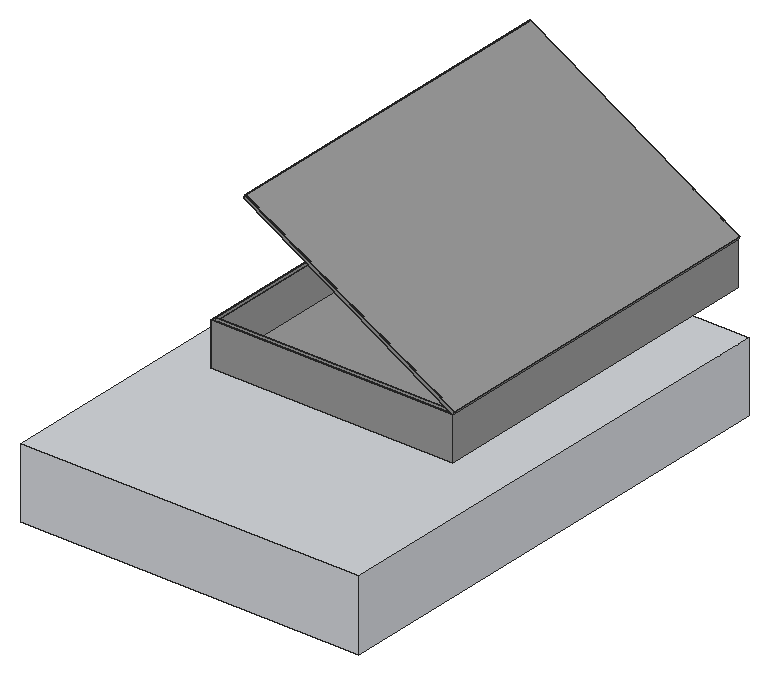
Revit family "Hager-Univers-IP54-D205-H550-Cl.I-Encl-CH-en", category Equipement électrique, Revit 2020
Family settings
  Hôte = Face
  Configuration du panneau = Deux colonnes, circuits au sein
  Cote de connecteur circulaire = Utiliser le diamètre
  Type d'élément = Tableau de raccordement
  Couper avec des vides une fois chargée = Non
  Partagée = Non
  Point de calcul de pièce = Non
Parameters (values of type "Surface mounted (plaster) IP54 W1050 H1550 D205  - FP04TW2")
  Width Control [instance] = if([EF000008 - Width] > Min Width, [EF000008 - Width], Min Width)  # 1050 mm
  Commentaires du type = [HG000003 - Range]  # "Univers"
  Thickness Door [instance] = if([EF009171 - Material plate thickness door/cover] > 3 mm, 3 mm, [EF009171 - Material plate thickness door/cover])  # 1 mm
  Seal Frame Offset [instance] = 17 mm  # constant formula
  Plinth Visibility [instance] = [HG000027 - Plinth height] > 0 mm  # no
  Model = ""
  Min Width [instance] = 100 mm  # constant formula
  Min Height [instance] = 100 mm  # constant formula
  Min Depth [instance] = (2 * [EF009170 - Material plate thickness cabinet]) + 1 mm  # 3 mm
  Internal Frame Depth [instance] = (Door System Depth * 0.5)  # 9 mm
  Height Control [instance] = if([EF000040 - Height] > Min Height, [EF000040 - Height], Min Height)  # 1550 mm
  HG000027 - Plinth height = 0 mm
  HG000026 - Floor standing = no
  HG000024 - Bottom section height = 800 mm
  HG000023 - Double section enclosure = no
  HG000016 - Door 3d visibility [instance] = yes
  HG000015 - Clearance visibility [instance] = no
  HG000014 - Door on the right [instance] = yes
  HG000013 - Door on the left [instance] = not([HG000014 - Door on the right])  # no
  HG000012 - Door swing angle [instance] = 30.00°
  HG000010 - Asymmetric doors = no
  HG000009 - Double swing door = no
  HG000006 - Flush mounted = no
  HG000004 - Manufacturer reference = "FP04TW2"
  HG000003 - Range = "Univers"
  HG000002 - With door or cover = yes
  Frame Offset Bottom [instance] = 10 mm  # constant formula
  Frame Offset [instance] = 15 mm  # constant formula
  EF015940 - Cover with overpressure release = no
  EF011959 - Degree of protection (NEMA) = ""
  EF009554 - Number of openings for flange plates = 8
  EF009212 - Cover model = "EV000116 - Closed"
  EF009171 - Material plate thickness door/cover = 1 mm
  EF009170 - Material plate thickness cabinet = 1 mm
  Fabricant = "Hager"  # constant formula
  EF008873 - Nominal current (In) = 400 A
  EF007800 - Suitable for lightning protection = no
  EF006306 - With lock = no
  EF006244 - Transparent cover/door = no
  EF005474 - Degree of protection (IP) = "EV006419 - IP54"
  EF004464 - Type of door = "EV003602 - Double"
  EF004427 - Number of modules = 480
  EF004293 - Impact strength = "EV006815 - IK09"
  EF003532 - Suitable for outdoor use = no
  EF002950 - Width in number of modular spacings = 48
  EF001613 - Circuit integrity = "EV000494 - None"
  EF001596 - Material housing = "EV000179 - Steel"
  EF001131 - Internal depth = 205 mm
  EF001088 - Extension possible = yes
  EF000437 - Number of conduit inlets = 8
  EF000339 - Type of cover = "EV001012 - Cover"
  EF000266 - Number of rows = 10
  EF000218 - Built-in depth = 205 mm
  EF000118 - With mounting plate = no
  EF000116 - RAL-number = "9010"
  EF000049 - Depth = 205 mm
  EF000040 - Height = 1550 mm
  EF000008 - Width = 1050 mm
  EF000007 - Colour = "EV000202 - White"
  EF000003 - Mounting method = "EV000384 - Surface mounted (plaster)"
  Door System Leaf Tolerance [instance] = 1.5 mm  # constant formula
  Door System Depth [instance] = 18 mm  # constant formula
  Door Height [instance] = Height Control - [HG000027 - Plinth height]  # 1550 mm
  Depth Control [instance] = if([EF000049 - Depth] > Min Depth, [EF000049 - Depth], Min Depth)  # 205 mm
  Default Elevation = 0 mm
  Connector Offset [instance] = Height Control / 2  # 775 mm
  Bottom Top Plate Trim [instance] = 1.5 mm  # constant formula
  Plinth height Ctrl [instance] = if([HG000027 - Plinth height] > 0 mm, [HG000027 - Plinth height], 12 mm)  # 12 mm
Reference planes
  plane 1 "Center (Front/Back)": y = 0
  plane 2: z = 0
  plane 3 "Center (Left/Right)": x = 0
  plane 4: z = 205
  plane 5: y = 1
  plane 6: y = 775
  plane 7: y = 0
  plane 8: y = 1550
  plane 9: z = 0
  plane 10: x = -510
  plane 11: x = 510
  plane 12: x = 509
  plane 13: x = -509
  plane 14: y = 1549
  plane 15: x = -508
  plane 16: x = -525
  plane 17: x = 508
  plane 18: x = 525
  plane 19: x = 524
  plane 20: x = -524
  plane 21: y = 11
  plane 22: y = 1550
  plane 23: y = 1534
  plane 24: z = 187
  plane 25: z = 1
  plane 26: z = 186
  plane 27: z = 204
Forms (mm)
  Extrusion 1, solid
    sketch origin (0, 0, 0) x (1, 0, 0) y (0, 1, 0)
      loop
        line (-702.964, 1305) -> (-702.964, -811.445) -> (766.763, -811.445) -> (766.763, 1305) -> (-702.964, 1305)
    from 0 to -304.8
  Extrusion 2, solid, material "Hager_Steel_RAL7035_Light_Grey", visible <- "Plinth Visibility", detail levels medium+fine
    sketch origin (0, 0, 0) x (1, 0, 0) y (0, 1, 0)
      loop
        line (-525, 0) -> (525, 0) -> (525, 12) -> (-525, 12) -> (-525, 0)
    from 0 to 187
  Extrusion 3, solid, material "Hager_Steel_RAL7035_Light_Grey", detail levels medium+fine
    sketch origin (0, 0, 0) x (1, 0, 0) y (0, 1, 0)
      loop
        line (-525, 0) -> (525, 0) -> (525, 1550) -> (-525, 1550) -> (-525, 0)
    from 0 to 187
  Extrusion 4, void
    sketch origin (0, 0, 0) x (1, 0, 0) y (0, 1, 0)
      loop
        line (-524, 1) -> (524, 1) -> (524, 1549) -> (-524, 1549) -> (-524, 1)
    from 1 to 186
  Extrusion 5, void
    sketch origin (-381.607, -4572, 187) x (0, -1, 0) y (-1, 0, 0)
      loop
        line (-4583, 127.393) -> (-6106, 127.393) -> (-6106, -890.607) -> (-4583, -890.607) -> (-4583, 127.393)
    from 0 to 1 <- "EF009170 - Material plate thickness cabinet"
  Extrusion 6, solid, material "Hager_Steel_RAL7035_Light_Grey", detail levels fine
    sketch origin (0, 0, 187) x (1, 0, 0) y (0, 1, 0)
      loop
        line (-509, 1534) -> (-509, 11) -> (509, 11) -> (509, 1534) -> (-509, 1534)
      loop
        line (-510, 10) -> (510, 10) -> (510, 1535) -> (-510, 1535) -> (-510, 10)
    from 0 to 9 <- "Internal Frame Depth"
  Extrusion 7, solid, material "Hager_Steel_RAL7035_Light_Grey", detail levels coarse
    sketch origin (0, 0, 0) x (1, 0, 0) y (0, 1, 0)
      loop
        line (-525, 0) -> (525, 0) -> (525, 1550) -> (-525, 1550) -> (-525, 0)
    from 0 to 205
  Sweep 8, void
    path in 3D
      loop
        line (-525, 12, 0) -> (525, 12, 0) -> (525, 12, 187) -> (-525, 12, 187) -> (-525, 12, 0)
    profile origin (-525, 12, 93.5) x (-1, 0, 0) y (0, -1, 0)
      loop
        line (0, 0) -> (0, 1.5) -> (-1.5, 1.5)
        arc (-1.5, 1.5) -> (-1.061, 0.439) -> (0, 0) r 1.5
Cuts and joins
  Extrusion 4, Extrusion 5 cuts Extrusion 3
  Sweep 8 cuts Extrusion 2
Lines and regions (mm)
  Masking region 1
    outline origin (0, 0, 0) x (1, 0, 0) y (0, 0, 1)
      loop
        line (-525, 205) -> (-525, 0) -> (525, 0) -> (525, 205) -> (-525, 205)
  Masking region 2, detail levels medium+fine
    outline origin (0, 140, 0) x (0, 1, 0) y (0, 0, 1)
      loop
        line (-140, 0) -> (1410, 0) -> (1410, 187) -> (-140, 187) -> (-140, 0)
  Masking region 3, not visible, detail levels medium+fine
    outline origin (0, 297.922, 0) x (0, 1, 0) y (0, 0, 1)
      loop
        line (488.578, 0) -> (528.578, 0) -> (528.578, 194)
        arc (528.578, 194) -> (525.649, 201.071) -> (518.578, 204) r 10
        line (518.578, 204) -> (488.578, 204) -> (488.578, 0)
  Masking region 4, detail levels coarse
    outline origin (0, 0, 180) x (0, 1, 0) y (0, 0, 1)
      loop
        line (0, -180) -> (1550, -180) -> (1550, 25) -> (0, 25) -> (0, -180)
  Masking region 5, visible <- "Plinth Visibility", detail levels medium+fine
    outline origin (0, 52.24, 12.345) x (0, 0, -1) y (0, 1, 0)
      loop
        line (10.845, -40.24) -> (-173.155, -40.24)
        arc (-173.155, -40.24) -> (-173.594, -41.301) -> (-174.655, -41.74) r 1.5
        line (-174.655, -41.74) -> (-174.655, -52.24) -> (12.345, -52.24) -> (12.345, -41.74)
        arc (12.345, -41.74) -> (11.285, -41.301) -> (10.845, -40.24) r 1.5
  Masking region 6, detail levels medium+fine
    outline origin (-381.607, -4572, 187) x (-1, 0, 0) y (0, -1, 0)
      loop
        line (143.393, -6122) -> (143.393, -4572) -> (-906.607, -4572) -> (-906.607, -6122) -> (143.393, -6122)
  Masking region 7, visible <- "Plinth Visibility", detail levels medium+fine
    outline origin (-381.607, -4727, 187) x (-1, 0, 0) y (0, -1, 0)
      loop
        arc (141.893, -4739) -> (142.332, -4737.939) -> (143.393, -4737.5) r 1.5
        line (143.393, -4737.5) -> (143.393, -4727) -> (-906.607, -4727) -> (-906.607, -4737.5)
        arc (-906.607, -4737.5) -> (-905.546, -4737.939) -> (-905.107, -4739) r 1.5
        line (-905.107, -4739) -> (141.893, -4739)
  Masking region 8, detail levels coarse
    outline origin (-442.548, -4669.526, 187) x (-1, 0, 0) y (0, -1, 0)
      loop
        line (82.452, -6219.526) -> (82.452, -4669.526) -> (-967.548, -4669.526) -> (-967.548, -6219.526) -> (82.452, -6219.526)
  sketch lines
    curve 1: line (-525, 12, 187) -> (-525, 12, 0)
    curve 2: line (525, 12, 187) -> (-525, 12, 187)
    curve 3: line (525, 12, 187) -> (525, 12, 0)
    curve 4: line (-525, 12, 0) -> (525, 12, 0)
Dimensions and locks
  "Depth Control": plane 4 to Extrusion 1
  "HG000027 - Plinth height": plane 1 "Center (Front/Back)" to plane 7
  "EF009170 - Material plate thickness cabinet": plane 5 to plane 7
  locked: connector elem to plane 3 "Center (Left/Right)"
  equal spacing: plane 8, plane 6, plane 7
  locked: connector elem to plane 6
  "EF009170 - Material plate thickness cabinet": plane 8 to plane 14
  "EF009170 - Material plate thickness cabinet": plane 10 to plane 13
  "EF009170 - Material plate thickness cabinet": plane 12 to plane 11
  "Frame Offset": plane 20 to plane 13
  "Frame Offset": plane 12 to plane 19
  "EF009170 - Material plate thickness cabinet": plane 16 to plane 20
  "EF009170 - Material plate thickness cabinet": plane 19 to plane 18
  "Seal Frame Offset": plane 16 to plane 15
  "Seal Frame Offset": plane 17 to plane 18
  "Frame Offset Bottom": plane 21 to plane 5
  "Frame Offset": plane 14 to plane 23
  equal spacing: plane 16, plane 3 "Center (Left/Right)", plane 18
  "Width Control": plane 16 to plane 18
  "EF009170 - Material plate thickness cabinet": plane 4 to plane 27
  "EF009170 - Material plate thickness cabinet": plane 24 to plane 26
  "EF009170 - Material plate thickness cabinet": plane 25 to level
  "Door System Depth": plane 4 to plane 24
  "Height Control": plane 1 "Center (Front/Back)" to Extrusion 7 sketch curve
  "Height Control": Masking region 4 sketch curve to plane 1 "Center (Front/Back)"
  "Height Control": plane 1 "Center (Front/Back)" to plane 22
  "Bottom Top Plate Trim": profile plane to Sweep 8 sketch curve
  "Bottom Top Plate Trim": Sweep 8 sketch curve to profile plane
  "Plinth height Ctrl": plane 1 "Center (Front/Back)" to Extrusion 2 sketch curve
  "Plinth height Ctrl": Masking region 5 sketch curve to plane 1 "Center (Front/Back)"
  "Plinth height Ctrl": plane 1 "Center (Front/Back)" to Masking region 7 sketch curve
  "Thickness Door": Extrusion 6 sketch curve to Extrusion 6 sketch curve  (x3)
  "Thickness Door": cut or joined group of Extrusion 3, Extrusion 4, Extrusion 5 to Extrusion 6 sketch curve
  radius of Masking region 3 sketch curve = 10 mm
  "Bottom Top Plate Trim": radius of Masking region 5 sketch curve  (x2)
  "Bottom Top Plate Trim": radius of Sweep 8 sketch curve
  "Bottom Top Plate Trim": radius of Masking region 7 sketch curve  (x2)
  aligned and locked: plane 2 to Extrusion 1
  aligned and locked: level to Extrusion 1
  aligned and locked: level to Masking region 1 sketch curve
  aligned and locked: Masking region 1 sketch curve to plane 18
  aligned and locked: Masking region 1 sketch curve to plane 16
  aligned and locked: plane 7 to Masking region 2 sketch curve
  aligned and locked: level to Masking region 3 sketch curve
  aligned and locked: Masking region 3 sketch curve to plane 27
  aligned and locked: level to Masking region 2 sketch curve
  aligned and locked: plane 1 "Center (Front/Back)" to Extrusion 2 sketch curve
  aligned and locked: Extrusion 3 sketch curve to plane 7
  aligned and locked: plane 16 to Extrusion 3 sketch curve
  aligned and locked: plane 18 to Extrusion 3 sketch curve
  aligned and locked: plane 20 to Extrusion 4 sketch curve
  aligned and locked: plane 19 to Extrusion 4 sketch curve
  aligned and locked: Extrusion 4 sketch curve to plane 5
  aligned and locked: Extrusion 4 to plane 25
  aligned and locked: plane 26 to Extrusion 4
  aligned and locked: plane 24 to Extrusion 3
  aligned and locked: Extrusion 5 sketch curve to plane 21
  aligned and locked: Extrusion 5 sketch curve to plane 13
  aligned and locked: Extrusion 5 sketch curve to plane 12
  aligned and locked: plane 18 to Extrusion 7 sketch curve
  aligned and locked: plane 1 "Center (Front/Back)" to Extrusion 7 sketch curve
  aligned and locked: plane 16 to Extrusion 7 sketch curve
  aligned and locked: plane 4 to Extrusion 7
  aligned and locked: Extrusion 7 to level
  aligned and locked: level to Masking region 4 sketch curve
  aligned and locked: Masking region 4 sketch curve to plane 1 "Center (Front/Back)"
  aligned and locked: Masking region 4 sketch curve to plane 4
  aligned and locked: nested 1 to level
  aligned and locked: nested 1 to plane 16
  aligned and locked: Extrusion 3 sketch curve to plane 8
  aligned and locked: Extrusion 5 sketch curve to plane 23
  aligned and locked: Extrusion 4 sketch curve to plane 14
  aligned and locked: Masking region 2 sketch curve to plane 8
  aligned and locked: level to Masking region 5 sketch curve
  aligned and locked: plane 16 to Extrusion 2 sketch curve
  aligned and locked: plane 18 to Extrusion 2 sketch curve
  aligned and locked: Masking region 5 sketch curve to plane 24
  aligned and locked: Masking region 2 sketch curve to plane 24
  aligned and locked: plane 24 to Extrusion 2
  aligned and locked: profile plane to Sweep 8 sketch curve  (x2)
  aligned and locked: Masking region 6 sketch curve to plane 18
  aligned and locked: Masking region 6 sketch curve to plane 22
  aligned and locked: Masking region 6 sketch curve to plane 16
  aligned and locked: plane 8 to plane 22
  aligned and locked: Masking region 6 sketch curve to plane 7
  aligned and locked: Masking region 7 sketch curve to plane 16
  aligned and locked: Masking region 7 sketch curve to plane 1 "Center (Front/Back)"
  aligned and locked: Masking region 7 sketch curve to plane 18
  aligned and locked: Masking region 8 sketch curve to plane 1 "Center (Front/Back)"
  aligned and locked: Masking region 8 sketch curve to plane 18
  aligned and locked: Masking region 8 sketch curve to plane 22
  aligned and locked: Masking region 8 sketch curve to plane 16
  aligned and locked: nested 2 to plane 7
  aligned and locked: plane 3 "Center (Left/Right)" to nested 2
  aligned and locked: nested 2 to plane 24
  aligned and locked: Extrusion 6 sketch curve to cut or joined group of Extrusion 3, Extrusion 4, Extrusion 5  (x4)
Automatic sketch dimensions
  Extrusion 1 sketch curve to Extrusion 1 sketch curve = 1469.727 mm
  Extrusion 1 sketch curve to Extrusion 1 sketch curve = 2116.445 mm
  Masking region 1 sketch curve to plane 4 = 0 mm
  plane 6 to Masking region 3 sketch curve = 11.5 mm
  Masking region 3 sketch curve to Masking region 3 sketch curve = 30 mm
  Masking region 5 sketch curve to plane 1 "Center (Front/Back)" = 0 mm
Nested families
  nested 1: "Hager_Enclosure_Symbol" at (-525, 0, 0) x (1, 0, 0) z (0, -1, 0), Height <- "Depth Control", Width <- "Width Control", type "Hager_Enclosure_Symbol"
    with Width_Ctrl 1050 mm, Width 1050 mm, Height_Ctrl 205 mm, Height 205 mm, A_Width_Int 13.453 mm, A_Width 161.438 mm, A_Height_Ctrl 179.375 mm, A_Height 179.375 mm
  nested 2: "EC000058_Univers_Door" at (0, 0, 187) x (1, 0, 0) z (0, 1, 0), Leaf_Tolerance <- "Door System Leaf Tolerance", Angle <- "HG000012 - Door swing angle", Door_Depth <- "Door System Depth", Door_Left <- "HG000013 - Door on the left", Transparent <- "EF006244 - Transparent cover/door", Assymetrical <- "HG000010 - Asymmetric doors", Width <- "Width Control", Clearance <- "HG000015 - Clearance visibility", Double <- "HG000009 - Double swing door", 3d_Door <- "HG000016 - Door 3d visibility", Lock_Visibility <- "EF006306 - With lock", Width_Ctrl <- "Width Control", Door_Right <- "HG000014 - Door on the right", Door <- "HG000002 - With door or cover", Height <- "Door Height", Thickness <- "Thickness Door", type "EC000058_Univers_Door", detail levels medium+fine
    with min_wh 3 mm, Width_Ctrl 1050 mm, Width 1050 mm, Transparent no, Thickness 1 mm, Seal_Material Hager_Rubber, Lock_Visibility no, Lock_Material Hager_Plastic_RAL9005_Jet_Black, Leaf_Width 1050 mm, Leaf_Tolerance_External_Sides 0 mm, Leaf_Tolerance 1.5 mm, Leaf_Offset 0 mm, Leaf_Height 1547 mm, Leaf_2_Width 1050 mm, Leaf_2_Offset 525 mm, Leaf_1_Width 1050 mm, Leaf_1_Offset 525 mm, Height_Ctrl 1550 mm, Height 1550 mm, Glass_Material Hager_Glass, Double_Clearance_Ctrl no, Double no, Door_Right_Ctrl yes, Door_Right yes, Door_Material Hager_Steel_RAL7035_Light_Grey, Door_Left_Ctrl no, Door_Left no, Door_Depth 18 mm, Door yes, Clearance_Material Hager_Clearance, Clearance_Depth 1050 mm, Clearance_Ctrl no, Clearance no, Assymetrical no, Angle 30.00°, 3d_Door yes
Connectors
  electrical at (0, 775, 0)
    settings: on plane 9, index 1, voltage 0 V, apparent load 0 VA, apparent load phase1 0 VA, apparent load phase2 0 VA, apparent load phase3 0 VA, power factor 1, load classification "Other", number of poles 1, system type 30, power factor state 1, is connector primary yes, connector utility no, sub classification motor no, connector description ""
Definition of nested family "EC000058_Univers_Door"
  Parameters (values of type "EC000058_Univers_Door")
    min_wh [instance] = (2 * Thickness) + 1 mm  # 11 mm
    Width_Ctrl [instance] = 400 mm
    Width [instance] = 500 mm
    Transparent [instance] = yes
    Thickness [instance] = 5 mm
    Seal_Material [instance] = none
    Lock_Visibility [instance] = yes
    Lock_Material [instance] = none
    Leaf_Width [instance] = if((Width_Ctrl - 2 * Leaf_Tolerance_External_Sides) > 0 mm, (Width_Ctrl - 2 * Leaf_Tolerance_External_Sides), min_wh)  # 400 mm
    Leaf_Tolerance_External_Sides [instance] = 0 mm  # constant formula
    Leaf_Tolerance [instance] = 1.5 mm
    Leaf_Offset [instance] = 0 mm  # constant formula
    Leaf_Height [instance] = if((Height_Ctrl - 2 * Leaf_Tolerance) > 0 mm, (Height_Ctrl - 2 * Leaf_Tolerance), min_wh)  # 497 mm
    Leaf_2_Width [instance] = if(and(and(Double, Assymetrical), Door_Left), (Leaf_Width / 3) - (Leaf_Tolerance / 2), if(and(and(Double, Assymetrical), Door_Right), (Leaf_Width / 3) * 2 - (Leaf_Tolerance / 2), if(and(Double, not(Assymetrical)), (Leaf_Width / 2) - Leaf_Tolerance, Leaf_Width)))  # 400 mm
    Leaf_2_Offset [instance] = if(and(Double, Assymetrical), Leaf_2_Width / 2, if(and(Double, not(Assymetrical)), Leaf_Width / 4, Leaf_Width / 2))  # 200 mm
    Leaf_1_Width [instance] = if(and(and(Double, Assymetrical), Door_Right), (Leaf_Width / 3) - (Leaf_Tolerance / 2), if(and(and(Double, Assymetrical), Door_Left), (Width / 3) * 2 - (Leaf_Tolerance / 2), if(and(Double, not(Assymetrical)), (Leaf_Width / 2) - Leaf_Tolerance, Leaf_Width)))  # 400 mm
    Leaf_1_Offset [instance] = if(and(Double, Assymetrical), Leaf_1_Width / 2, if(and(Double, not(Assymetrical)), Leaf_Width / 4, Leaf_Width / 2))  # 200 mm
    Height_Ctrl [instance] = if(Height > min_wh, Height, min_wh)  # 500 mm
    Height [instance] = 500 mm
    Glass_Material [instance] = none
    Double_Clearance_Ctrl [instance] = and(Double, Clearance)  # no
    Double [instance] = no
    Door_Right_Ctrl [instance] = and(or(Door_Right, Double), Door)  # yes
    Door_Right [instance] = yes
    Door_Material [instance] = none
    Door_Left_Ctrl [instance] = and(or(Door_Left, Double), Door)  # no
    Door_Left [instance] = no
    Door_Depth [instance] = 30 mm
    Door [instance] = yes
    Default Elevation = 1219.2 mm
    Clearance_Material [instance] = none
    Clearance_Depth [instance] = if(Leaf_1_Width > Leaf_2_Width, Leaf_1_Width, Leaf_2_Width)  # 400 mm
    Clearance_Ctrl [instance] = and(not(Double), Clearance)  # yes
    Clearance [instance] = yes
    Assymetrical [instance] = yes
    Angle [instance] = 30.00°
    3d_Door [instance] = yes
  Reference planes
    plane 1 "Center (Front/Back)": y = 0
    plane 2 "Bottom": z = 0
    plane 3 "Center (Left/Right)": x = 0
    plane 4: z = 500
    plane 5: x = -200
    plane 6: x = 200
    plane 7: z = 500
    plane 8: x = -200
    plane 9: z = 0
    plane 10: x = 200
    plane 11: y = 0
    plane 12: z = 1.5
    plane 13: x = -600
    plane 14: y = -400
    plane 15: x = 600
    plane 16: x = 0
    plane 17: x = 0
    plane 18: x = -200
    plane 19: x = 200
    plane 20: z = 498.5
  Forms (mm)
    Extrusion 1, solid, material <- "Clearance_Material", visible <- "Double_Clearance_Ctrl"
      sketch origin (1200, 0, 0) x (1, 0, 0) y (0, 0, -1)
        loop
          line (-1800, -498.5) -> (-600, -498.5) -> (-600, 0) -> (-1800, 0) -> (-1800, -498.5)
      from 0 to -400
  Dimensions and locks
    equal spacing: plane 5, plane 3 "Center (Left/Right)", plane 6
    "Width_Ctrl": plane 5 to plane 6
    "Leaf_Offset": plane 5 to plane 8
    "Leaf_Offset": plane 6 to plane 10
    "Leaf_Offset": plane 9 to level
    "Leaf_Offset": plane 4 to plane 7
    "Height_Ctrl": plane 4 to level
    "Leaf_Tolerance": plane 12 to plane 9
    locked: plane 11 to plane 1 "Center (Front/Back)"
    "Leaf_1_Offset": plane 18 to plane 16
    "Leaf_2_Offset": plane 17 to plane 19
    "Leaf_1_Width": plane 13 to plane 8
    "Leaf_2_Width": plane 10 to plane 15
    "Clearance_Depth": plane 14 to plane 1 "Center (Front/Back)"
    "Leaf_Tolerance_External_Sides": plane 8 to plane 18
    "Leaf_Tolerance_External_Sides": plane 19 to plane 10
    "Leaf_Tolerance": plane 7 to plane 20
    aligned and locked: level to plane 2 "Bottom"
    aligned and locked: nested 1 to plane 16
    aligned and locked: nested 2 to plane 17
    aligned and locked: Extrusion 1 to plane 13
    aligned and locked: plane 15 to Extrusion 1
    aligned and locked: Extrusion 1 to plane 14
    aligned and locked: plane 12 to nested 1
    aligned and locked: nested 2 to plane 12
    aligned and locked: Extrusion 1 to plane 11
    aligned and locked: plane 20 to Extrusion 1
    aligned and locked: nested 2 to plane 11
    aligned and locked: nested 1 to plane 11
  Automatic sketch dimensions
    Extrusion 1 sketch curve to level = 0 mm
    plane 5 to Extrusion 1 sketch curve = 400 mm
    plane 6 to Extrusion 1 sketch curve = 400 mm
    Extrusion 1 sketch curve to plane 4 = 1.5 mm
  Nested families
    nested 1: "EC000058_Univers_Door_Leaf" at (0, 0, 1.5), Width <- "Leaf_1_Width", visible <- "Door_Left_Ctrl", Leaf_Height <- "Leaf_Height", Angle <- "Angle", 3d_Door <- "3d_Door", Transparent <- "Transparent", Clearance Material <- "Clearance_Material", Clearance <- "Clearance_Ctrl", Door_Material <- "Door_Material", Glass_Material <- "Glass_Material", Door_Depth <- "Door_Depth", Lock_Material <- "Lock_Material", Seal_Material <- "Seal_Material", Lock_Visibility <- "Lock_Visibility", Thickness <- "Thickness", type "EC000058_Univers_Door_Leaf"
      with Width 400 mm, Transparent_Glass_Offset 30 mm, Transparent_Ctrl yes, Transparent yes, Thickness 5 mm, Standard no, Seal_Material none, Seal_D2 8 mm, Seal_D1 1 mm, Offset_Internal_Frame 10 mm, Lock_Width 20 mm, Lock_Visibility_3d yes, Lock_Visibility yes, Lock_Thickness_3 3 mm, Lock_Thickness_2 1 mm, Lock_Thickness_1 3 mm, Lock_Radius_Offset_2 16 mm, Lock_Radius_Offset_1 15 mm, Lock_Radius_2 5 mm, Lock_Radius 6 mm, Lock_Offset 5 mm, Lock_Material none, Lock_Height 80 mm, Lock_Cover_Top_Offset_2d 17 mm, Lock_Cover_Height -65 mm, Leaf_Height 497 mm, Internal_Seal_Thickness 8 mm, Internal_Seal_Depth_2 4.5 mm, Internal_Frame_Depth 25 mm, Glass_Thickness -1 mm, Glass_Offset -2 mm, Glass_Material none, Door_Material none, Door_Depth 30 mm, Clearance Material none, Clearance yes, Angle_Ctrl 30.00°, Angle 30.00°, 3d_Door yes
    nested 2: "EC000058_Univers_Door_Leaf" at (0, 0, 1.5) x (-1, 0, 0) z (0, 0, 1), Width <- "Leaf_2_Width", visible <- "Door_Right_Ctrl", Leaf_Height <- "Leaf_Height", Angle <- "Angle", 3d_Door <- "3d_Door", Transparent <- "Transparent", Clearance Material <- "Clearance_Material", Clearance <- "Clearance_Ctrl", Door_Material <- "Door_Material", Glass_Material <- "Glass_Material", Door_Depth <- "Door_Depth", Lock_Material <- "Lock_Material", Seal_Material <- "Seal_Material", Lock_Visibility <- "Lock_Visibility", Thickness <- "Thickness", type "EC000058_Univers_Door_Leaf"
      with Width 400 mm, Transparent_Glass_Offset 30 mm, Transparent_Ctrl yes, Transparent yes, Thickness 5 mm, Standard no, Seal_Material none, Seal_D2 8 mm, Seal_D1 1 mm, Offset_Internal_Frame 10 mm, Lock_Width 20 mm, Lock_Visibility_3d yes, Lock_Visibility yes, Lock_Thickness_3 3 mm, Lock_Thickness_2 1 mm, Lock_Thickness_1 3 mm, Lock_Radius_Offset_2 16 mm, Lock_Radius_Offset_1 15 mm, Lock_Radius_2 5 mm, Lock_Radius 6 mm, Lock_Offset 5 mm, Lock_Material none, Lock_Height 80 mm, Lock_Cover_Top_Offset_2d 17 mm, Lock_Cover_Height -65 mm, Leaf_Height 497 mm, Internal_Seal_Thickness 8 mm, Internal_Seal_Depth_2 4.5 mm, Internal_Frame_Depth 25 mm, Glass_Thickness -1 mm, Glass_Offset -2 mm, Glass_Material none, Door_Material none, Door_Depth 30 mm, Clearance Material none, Clearance yes, Angle_Ctrl 30.00°, Angle 30.00°, 3d_Door yes
  Definition of nested family "EC000058_Univers_Door_Leaf"
    Parameters (values of type "EC000058_Univers_Door_Leaf")
      Width [instance] = 2000 mm
      Transparent_Glass_Offset [instance] = 30 mm
      Transparent_Ctrl [instance] = and(Transparent, [3d_Door])  # yes
      Transparent [instance] = yes
      Thickness [instance] = 5 mm
      Standard [instance] = and(not(Transparent), [3d_Door])  # no
      Seal_Material [instance] = none
      Seal_D2 [instance] = 8 mm  # constant formula
      Seal_D1 [instance] = 1 mm  # constant formula
      Offset_Internal_Frame [instance] = 10 mm  # constant formula
      Lock_Width [instance] = 20 mm  # constant formula
      Lock_Visibility_3d [instance] = and(Lock_Visibility, [3d_Door])  # yes
      Lock_Visibility [instance] = yes
      Lock_Thickness_3 [instance] = 3 mm  # constant formula
      Lock_Thickness_2 [instance] = 1 mm  # constant formula
      Lock_Thickness_1 [instance] = 3 mm  # constant formula
      Lock_Radius_Offset_2 [instance] = Lock_Radius_Offset_1 + 1 mm  # 16 mm
      Lock_Radius_Offset_1 [instance] = 15 mm  # constant formula
      Lock_Radius_2 [instance] = Lock_Radius - 1 mm  # 5 mm
      Lock_Radius [instance] = 6 mm  # constant formula
      Lock_Offset [instance] = 5 mm  # constant formula
      Lock_Material [instance] = none
      Lock_Height [instance] = 80 mm  # constant formula
      Lock_Cover_Top_Offset_2d [instance] = Lock_Radius_Offset_2 + 1 mm  # 17 mm
      Lock_Cover_Height [instance] = -(Lock_Height - Lock_Radius_Offset_1)  # -65 mm
      Leaf_Height [instance] = 2720.336 mm
      Internal_Seal_Thickness [instance] = 8 mm  # constant formula
      Internal_Seal_Depth_2 [instance] = 4.5 mm  # constant formula
      Internal_Frame_Depth [instance] = if(Door_Depth - Thickness > 5 mm, Door_Depth - Thickness, 5 mm)  # 25 mm
      Glass_Thickness [instance] = if(Thickness > 15 mm, Glass_Offset + 10 mm, -1 mm)  # -1 mm
      Glass_Offset [instance] = if(Thickness > 15 mm, -(Thickness + 10 mm) / 2, -2 mm)  # -2 mm
      Glass_Material [instance] = none
      Door_Material [instance] = none
      Door_Depth [instance] = 30 mm
      Default Elevation = 0 mm
      Clearance Material [instance] = none
      Clearance [instance] = yes
      Angle_Ctrl [instance] = if(Angle > 180.00°, 180.00°, Angle)  # 90.00°
      Angle [instance] = 90.00°
      3d_Door [instance] = yes
    Reference planes
      plane 1 "Center (Front/Back)": y = 0
      plane 2: z = 0
      plane 3 "Center (Left/Right)": x = 0
      plane 4: y = 2000
      plane 5: x = -1000
      plane 6: x = 1000
      plane 7: x = -3000
      plane 8: z = 2720.336
      plane 9: z = 30
      plane 10: z = 2690.336
      plane 11: x = 970
      plane 12: x = -970
      plane 13: y = -3
      plane 14: z = 107.833
      plane 15: y = -5
      plane 16: y = -223.314
      plane 17: x = -1000
      plane 18: z = 1360.168
      plane 19: y = 30
    Forms (mm)
      Extrusion 1, solid, material <- "Clearance Material", visible <- "Clearance"
        sketch origin (0, 0, 0) x (1, 0, 0) y (0, 0, 1)
          loop
            line (-3000, 2720.336) -> (-3000, 0) -> (1000, 0) -> (1000, 2720.336) -> (-3000, 2720.336)
        from 0 to -2000
      Extrusion 2, solid, material <- "Door_Material", visible <- "Standard", detail levels medium+fine
        sketch origin (-1000, 0, 0) x (0, 1, 0) y (-1, 0, 0)
          loop
            line (0, 30) -> (0, 25) -> (2000, 25) -> (2000, 30) -> (0, 30)
        from 0 to 2720.336 <- "Leaf_Height"
      Extrusion 3, solid, material <- "Door_Material", visible <- "Transparent_Ctrl", detail levels medium+fine
        sketch origin (-1000, 0, 0) x (0, 1, 0) y (-1, 0, 0)
          loop
            line (0, 25) -> (2000, 25) -> (2000, 30) -> (0, 30) -> (0, 25)
        from 0 to 2720.336 <- "Leaf_Height"
      Extrusion 4, void
        sketch origin (-1025, 2000, 0) x (0, 1, 0) y (0, 0, -1)
          loop
            line (-30, -2690.336) -> (-30, -30) -> (-1970, -30) -> (-1970, -2690.336) -> (-30, -2690.336)
        from 0 to 5 <- "Thickness"
      Sweep 5, solid, material <- "Seal_Material", visible <- "Transparent_Ctrl", detail levels fine
        path in 3D
          loop
            line (-1025, 30, 30) -> (-1025, 30, 2690.336) -> (-1025, 1970, 2690.336) -> (-1025, 1970, 30) -> (-1025, 30, 30)
        profile origin (-1025, 1000, 30) x (1, 0, 0) y (0, 0, 1)
          loop
            line (0, 0) -> (0, -8) -> (1, -8) -> (1, 0) -> (0, 0)
      Extrusion 6, solid, material <- "Glass_Material", visible <- "Transparent_Ctrl", detail levels medium+fine
        sketch origin (-1030, 0, 0) x (0, 1, 0) y (0, 0, -1)
          loop
            line (1970, -2690.336) -> (1970, -30) -> (30, -30) -> (30, -2690.336) -> (1970, -2690.336)
        from -2 <- "Glass_Offset" to -1 <- "Glass_Thickness"
      Extrusion 7, solid, material <- "Door_Material", visible <- "3d_Door", detail levels medium+fine
        sketch origin (-1025, 2000, 0) x (0, -1, 0) y (0, 0, -1)
          loop
            line (0, -2720.336) -> (2000, -2720.336) -> (2000, 0) -> (0, 0) -> (0, -2720.336)
          loop
            line (1995, -5) -> (5, -5) -> (5, -2715.336) -> (1995, -2715.336) -> (1995, -5)
        from 0 to 25 <- "Internal_Frame_Depth"
      Sweep 8, solid, material <- "Seal_Material", visible <- "Transparent_Ctrl", detail levels fine
        path in 3D
          loop
            line (-1025, 0, 0) -> (-1025, 2000, 0) -> (-1025, 2000, 2720.336) -> (-1025, 0, 2720.336) -> (-1025, 0, 0)
        profile origin (-1025, 0, 1360.168) x (1, 0, 0) y (0, 1, 0)
          loop
            line (0, 10) -> (2.975, 10)
            arc (2.975, 10) -> (4.053, 10.447) -> (4.5, 11.525) r 1.525
            line (4.5, 11.525) -> (4.5, 16.527)
            arc (4.5, 16.527) -> (4.069, 17.569) -> (3.027, 18) r 1.473
            line (3.027, 18) -> (0, 18) -> (0, 10)
      Extrusion 9, solid, material <- "Lock_Material", visible <- "Lock_Visibility_3d", detail levels fine
        sketch origin (-1030, 0, 0) x (0, 1, 0) y (0, 0, -1)
          loop
            arc (1993.5, -1400.168) -> (1994.561, -1399.729) -> (1995, -1398.668) r 1.5
            line (1995, -1398.668) -> (1995, -1320.168) -> (1975, -1320.168) -> (1975, -1398.668)
            arc (1975, -1398.668) -> (1975.439, -1399.729) -> (1976.5, -1400.168) r 1.5
            line (1976.5, -1400.168) -> (1993.5, -1400.168)
        from 3 <- "Lock_Thickness_1" to 0
      Blend 10, solid, material <- "Lock_Material", visible <- "Lock_Visibility_3d", detail levels fine
        base sketch origin (-1033, 0, 0) x (0, 1, 0) y (0, 0, -1)
          loop
            line (1975, -1320.168) -> (1975, -1398.668)
            arc (1975, -1398.668) -> (1975.439, -1399.729) -> (1976.5, -1400.168) r 1.5
            line (1976.5, -1400.168) -> (1993.5, -1400.168)
            arc (1993.5, -1400.168) -> (1994.561, -1399.729) -> (1995, -1398.668) r 1.5
            line (1995, -1398.668) -> (1995, -1320.168) -> (1975, -1320.168)
        top sketch origin (-1033, 0, 0) x (0, 1, 0) y (0, 0, -1)
          loop
            line (1976, -1320.168) -> (1976, -1398.668)
            arc (1976, -1398.668) -> (1976.146, -1399.022) -> (1976.5, -1399.168) r 0.5
            line (1976.5, -1399.168) -> (1993.5, -1399.168)
            arc (1993.5, -1399.168) -> (1993.854, -1399.022) -> (1994, -1398.668) r 0.5
            line (1994, -1398.668) -> (1994, -1320.168) -> (1976, -1320.168)
        from 0 to 1 <- "Lock_Thickness_2"
      Blend 11, solid, material <- "Lock_Material", visible <- "Lock_Visibility_3d", detail levels fine
        base sketch origin (-1034, 0, 0) x (0, 1, 0) y (0, 0, -1)
          loop
            line (1978, -1320.168) -> (1978, -1384.168)
            arc (1978, -1384.168) -> (1985, -1391.168) -> (1992, -1384.168) r 7
            line (1992, -1384.168) -> (1992, -1320.168) -> (1978, -1320.168)
        top sketch origin (-1034, 0, 0) x (0, 1, 0) y (0, 0, -1)
          loop
            line (1991, -1320.168) -> (1979, -1320.168) -> (1979, -1383.168)
            arc (1979, -1383.168) -> (1985, -1389.168) -> (1991, -1383.168) r 6
            line (1991, -1383.168) -> (1991, -1320.168)
        from 0 to 3 <- "Lock_Thickness_3"
      Extrusion 12, solid, material <- "Lock_Material", visible <- "Lock_Visibility_3d", detail levels fine
        sketch origin (-1030, 1975, 1320.168) x (1, 0, 0) y (0, -1, 0)
          loop
            line (-7, -19) -> (-7, -1) -> (0, -1) -> (0, 0) -> (-8, 0) -> (-8, -20) -> (0, -20) -> (0, -19) -> (-7, -19)
        from 0 to -65 <- "Lock_Cover_Height"
      Extrusion 13, void
        sketch origin (-1038, 1995, 1320.168) x (-1, 0, 0) y (0, 0, -1)
          loop
            line (-5, -65) -> (0, -65) -> (-5, -60) -> (-5, -65)
        from 0 to 20 <- "Lock_Width"
      Extrusion 14, void
        sketch origin (-1038, 1975, 1320.168) x (0, -1, 0) y (0, 0, -1)
          loop
            circle (-10, -15.995) r 6
          loop
            circle (-10, -15.995) r 5
        from 0 to 2
      Extrusion 15, solid, material <- "Lock_Material", visible <- "Lock_Visibility_3d", detail levels medium
        sketch origin (-1030, 0, 0) x (0, 1, 0) y (0, 0, -1)
          loop
            arc (1993.5, -1400.168) -> (1994.561, -1399.729) -> (1995, -1398.668) r 1.5
            line (1995, -1398.668) -> (1995, -1320.168) -> (1975, -1320.168) -> (1975, -1398.668)
            arc (1975, -1398.668) -> (1975.439, -1399.729) -> (1976.5, -1400.168) r 1.5
            line (1976.5, -1400.168) -> (1993.5, -1400.168)
        from 8 to 0
    Cuts and joins
      Extrusion 4 cuts Extrusion 3
      Extrusion 13, Extrusion 14 cuts Extrusion 9
      Extrusion 14 cuts Blend 11
      Extrusion 13, Extrusion 14 cuts Extrusion 12
      joined: Extrusion 9, Blend 10, Blend 11, Extrusion 12
      Extrusion 14 cuts Extrusion 15
    Lines and regions (mm)
      Masking region 1, visible <- "Lock_Visibility", detail levels fine
        outline origin (0, 0, 0) x (0, 1, 0) y (0, 0, 1)
          loop
            line (30, 1320.168) -> (33, 1320.168) -> (33, 1400.168) -> (30, 1400.168) -> (30, 1320.168)
      Masking region 2, visible <- "Lock_Visibility", detail levels fine
        outline origin (0, 3.143, 0) x (0, 1, 0) y (0, 0, 1)
          loop
            line (29.857, 1354.168) -> (30.857, 1354.168) -> (30.857, 1366.168) -> (29.857, 1366.168) -> (29.857, 1354.168)
      Masking region 3, detail levels medium+fine
        outline origin (0, 0, 0) x (0, 1, 0) y (0, 0, 1)
          loop
            line (0, 0) -> (30, 0) -> (30, 2720.336) -> (0, 2720.336) -> (0, 0)
      Masking region 4, detail levels medium+fine
        outline origin (0, 0, 0) x (1, 0, 0) y (0, 0, 1)
          loop
            line (-1000, 2720.336) -> (-1000, 0) -> (1000, 0) -> (1000, 2720.336) -> (-1000, 2720.336)
      Masking region 5, visible <- "Lock_Visibility", detail levels fine
        outline origin (-47.116, 0, 0) x (1, 0, 0) y (0, 0, 1)
          loop
            arc (1024.616, 1399.168) -> (1023.556, 1398.729) -> (1023.116, 1397.668) r 1.5
            line (1023.116, 1397.668) -> (1023.116, 1320.168) -> (1041.116, 1320.168) -> (1041.116, 1397.668)
            arc (1041.116, 1397.668) -> (1040.677, 1398.729) -> (1039.616, 1399.168) r 1.5
            line (1039.616, 1399.168) -> (1024.616, 1399.168)
      Masking region 6, visible <- "Lock_Visibility", detail levels medium+fine
        outline origin (-25, 0, 0) x (1, 0, 0) y (0, 0, 1)
          loop
            arc (1001.5, 1400.168) -> (1000.439, 1399.729) -> (1000, 1398.668) r 1.5
            line (1000, 1398.668) -> (1000, 1320.168) -> (1020, 1320.168) -> (1020, 1398.668)
            arc (1020, 1398.668) -> (1019.561, 1399.729) -> (1018.5, 1400.168) r 1.5
            line (1018.5, 1400.168) -> (1001.5, 1400.168)
      Masking region 7, visible <- "Lock_Visibility", detail levels fine
        outline origin (-73.735, 0, 0) x (1, 0, 0) y (0, 0, 1)
          loop
            line (1051.735, 1382.168) -> (1065.735, 1382.168) -> (1065.735, 1384.168)
            arc (1065.735, 1384.168) -> (1058.735, 1391.168) -> (1051.735, 1384.168) r 7
            line (1051.735, 1384.168) -> (1051.735, 1382.168)
      Masking region 8, visible <- "Lock_Visibility", detail levels fine
        outline origin (-73.735, 0, 0) x (1, 0, 0) y (0, 0, 1)
          loop
            line (1052.735, 1382.168) -> (1064.735, 1382.168) -> (1064.735, 1383.168)
            arc (1064.735, 1383.168) -> (1058.735, 1389.168) -> (1052.735, 1383.168) r 6
            line (1052.735, 1383.168) -> (1052.735, 1382.168)
      Masking region 9, visible <- "Lock_Visibility", detail levels fine
        outline origin (-25, 0, 0) x (1, 0, 0) y (0, 0, 1)
          loop
            line (1020, 1320.168) -> (1020, 1382.168) -> (1000, 1382.168) -> (1000, 1320.168) -> (1020, 1320.168)
      Masking region 10, detail levels medium+fine
        outline origin (0, 0, 0) x (1, 0, 0) y (0, 0, 1)
          loop
            circle (985, 1335.144) r 6
      Masking region 11, detail levels fine
        outline origin (0, 0, 0) x (1, 0, 0) y (0, 0, 1)
          loop
            circle (985, 1335.144) r 5
      Masking region 12, visible <- "Lock_Visibility", detail levels fine
        outline origin (0, 12.767, 0) x (0, 1, 0) y (0, 0, 1)
          loop
            line (20.233, 1320.168) -> (21.233, 1320.168) -> (21.233, 1399.168) -> (20.233, 1400.168) -> (20.233, 1320.168)
      Masking region 13, visible <- "Lock_Visibility", detail levels fine
        outline origin (0, 13.767, -10) x (0, 1, 0) y (0, 0, 1)
          loop
            line (20.233, 1330.168) -> (23.233, 1330.168) -> (23.233, 1399.168) -> (20.233, 1402.168) -> (20.233, 1330.168)
      Masking region 14, visible <- "Lock_Visibility", detail levels fine
        outline origin (0, 12.767, -10) x (0, 1, 0) y (0, 0, 1)
          loop
            line (20.233, 1330.168) -> (25.233, 1330.168) -> (25.233, 1399.305) -> (20.233, 1394.305) -> (20.233, 1330.168)
      Masking region 15, visible <- "Lock_Visibility", detail levels medium
        outline origin (0, 0, 0) x (0, 1, 0) y (0, 0, 1)
          loop
            line (30, 1320.168) -> (38, 1320.168) -> (38, 1400.168) -> (30, 1400.168) -> (30, 1320.168)
      Masking region 16, visible <- "Lock_Visibility", detail levels fine
        outline origin (-1000, 0, 0) x (0, 1, 0) y (-1, 0, 0)
          loop
            line (1975, 30) -> (1995, 30) -> (1995, 38) -> (1975, 38) -> (1975, 30)
          loop
            line (1979, 37) -> (1976, 37) -> (1976, 34) -> (1978, 34) -> (1979, 37)
          loop
            line (1994, 37) -> (1991, 37) -> (1992, 34) -> (1994, 34) -> (1994, 37)
      Masking region 17, visible <- "Lock_Visibility", detail levels medium
        outline origin (-1000, 0, 0) x (0, 1, 0) y (-1, 0, 0)
          loop
            line (1975, 30) -> (1995, 30) -> (1995, 38) -> (1975, 38) -> (1975, 30)
      symbolic lines
        curve 1: line (1000, 0, 0) -> (-3000, 0, 0)
        curve 2: arc (1000, 0, 0) -> (-1000, 2000, 0) -> (-3000, 0, 0) r 2000
        curve 4: line (-1030, 0, 0) -> (-1030, 2000, 0)
      reference lines
        curve 3: line (-1000, 0, 0) -> (-1000, 2000, 0)
      symbolic lines, detail levels medium+fine
        curve 5: line (-1030, 2000, 0) -> (-1025, 2000, 0)
        curve 7: line (-1025, 0, 0) -> (-1030, 0, 0)
        curve 8: line (-1025, 0, 0) -> (-1000, 0, 0)
        curve 9: line (-1000, 0, 0) -> (-1000, 2000, 0)
        curve 10: line (-1000, 2000, 0) -> (-1025, 2000, 0)
      symbolic lines, detail levels fine
        curve 6: line (-1025, 2000, 0) -> (-1025, 0, 0)
      sketch lines
        curve 11: line (-1025, 0, 2720.336) -> (-1025, 0, 0)
        curve 12: line (-1025, 2000, 0) -> (-1025, 0, 0)
        curve 13: line (-1025, 2000, 2720.336) -> (-1025, 2000, 0)
        curve 14: line (-1025, 0, 2720.336) -> (-1025, 2000, 2720.336)
        curve 15: line (-1025, 1970, 30) -> (-1025, 30, 30)
        curve 16: line (-1025, 30, 30) -> (-1025, 30, 2690.336)
        curve 17: line (-1025, 1970, 2690.336) -> (-1025, 1970, 30)
        curve 18: line (-1025, 30, 2690.336) -> (-1025, 1970, 2690.336)
      symbolic lines, visible <- "Transparent", detail levels medium+fine
        curve 19: line (-970, 0, 2690.336) -> (970, 0, 2690.336)
        curve 20: line (-970, 0, 30) -> (-970, 0, 2690.336)
        curve 21: line (970, 0, 30) -> (-970, 0, 30)
        curve 22: line (970, 0, 2690.336) -> (970, 0, 30)
    Dimensions and locks
      "Width": plane 1 "Center (Front/Back)" to plane 4
      equal spacing: plane 5, plane 3 "Center (Left/Right)", plane 6
      "Width": plane 5 to plane 6
      "Width": plane 7 to plane 5
      "Leaf_Height": plane 8 to level
      "Width": curve 5 to curve 3
      "Width": curve 3 to curve 3
      plane 8 to plane 10 = 30 mm
      plane 9 to level = 30 mm
      plane 12 to plane 5 = 30 mm
      plane 6 to plane 11 = 30 mm
      Extrusion 1 to Extrusion 4 sketch curve = 30 mm
      "Transparent_Glass_Offset": curve 3 to Extrusion 4 sketch curve
      "Transparent_Glass_Offset": Extrusion 4 sketch curve to cut or joined group of Extrusion 3, Extrusion 4  (x2)
      cut or joined group of Extrusion 3, Extrusion 4 to Extrusion 6 sketch curve = 30 mm
      "Transparent_Glass_Offset": cut or joined group of Extrusion 3, Extrusion 4 to Extrusion 4 sketch curve
      "Thickness": curve 6 to curve 4
      "Thickness": Extrusion 7 sketch curve to Extrusion 7 sketch curve  (x4)
      "Door_Depth": curve 4 to curve 3
      "Offset_Internal_Frame": profile plane to Sweep 8 sketch curve
      "Internal_Seal_Thickness": Sweep 8 sketch curve to Sweep 8 sketch curve
      "Internal_Seal_Depth_2": profile plane to Sweep 8 sketch curve
      "Seal_D1": profile plane to Sweep 5 sketch curve
      "Seal_D2": profile plane to Sweep 5 sketch curve
      "Thickness": Extrusion 2 sketch curve to Extrusion 2 sketch curve
      equal spacing: Extrusion 9 sketch curve, plane 18, Extrusion 9 sketch curve  (x2)
      equal spacing: Masking region 1 sketch curve, plane 18, Masking region 1 sketch curve
      "Lock_Height": Masking region 1 sketch curve to Masking region 1 sketch curve
      "Lock_Radius": Masking region 2 sketch curve to plane 18 to Masking region 2 sketch curve
      Masking region 2 sketch curve to Masking region 1 = 1 mm
      "Door_Depth": plane 19 to plane 1 "Center (Front/Back)"
      "Lock_Thickness_1": Masking region 1 sketch curve to plane 19
      "Lock_Width": Extrusion 9 sketch curve to Extrusion 9 sketch curve
      "Lock_Height": Extrusion 9 sketch curve to Extrusion 9 sketch curve
      "Lock_Offset": cut or joined group of Extrusion 3, Extrusion 4 to Extrusion 9 sketch curve
      equal spacing: plane 8, plane 18, level
      "Lock_Radius_Offset_1": Blend 11 sketch curve to Blend 10
      locked: Blend 10 to Blend 11 sketch curve at 2  (x2)
      locked: var sketch to Blend 11 sketch curve at 1  (x2)
      "Lock_Radius_Offset_2": Blend 11 sketch curve to Blend 10
      locked: Extrusion 12 sketch curve to Extrusion 12 sketch curve at 1  (x3)
      Masking region 6 sketch curve to Masking region 6 sketch curve = 80 mm
      "Lock_Height": Masking region 6 sketch curve to Masking region 6 sketch curve
      "Lock_Width": Masking region 6 sketch curve to Masking region 6 sketch curve
      locked: Masking region 6 to Masking region 5 sketch curve at 1  (x3)
      locked: Masking region 5 to Masking region 7 sketch curve at 2  (x2)
      "Lock_Radius_Offset_1": Masking region 5 to Masking region 7 sketch curve
      "Lock_Radius_Offset_2": Masking region 5 to Masking region 8 sketch curve
      locked: Masking region 7 to Masking region 8 sketch curve at 1  (x2)
      "Lock_Cover_Top_Offset_2d": Masking region 5 to Masking region 9 sketch curve
      equal spacing: Masking region 9, Masking region 10 sketch curve, Masking region 9
      equal spacing: Masking region 9, Masking region 11 sketch curve, Masking region 9
      Extrusion 15 sketch curve to Extrusion 15 sketch curve = 80 mm
      "Lock_Width": Extrusion 15 sketch curve to Extrusion 15 sketch curve
      "Lock_Height": Extrusion 15 sketch curve to Extrusion 15 sketch curve
      equal spacing: Extrusion 15 sketch curve, plane 18, Extrusion 15 sketch curve
      "Lock_Thickness_3": Masking region 13 sketch curve to Masking region 13 sketch curve
      "Lock_Height": Masking region 12 sketch curve to Masking region 12 sketch curve
      locked: Masking region 13 sketch curve to Masking region 1 at 8
      locked: Masking region 14 sketch curve to Masking region 13 at 1
      locked: Masking region 14 sketch curve to Masking region 1 at 10.863
      "Lock_Height": Masking region 15 sketch curve to Masking region 15 sketch curve
      "Lock_Offset": Extrusion 15 sketch curve to cut or joined group of Extrusion 3, Extrusion 4
      "Lock_Offset": plane 6 to Masking region 6 sketch curve
      radius of Sweep 8 sketch curve = 1.525 mm
      radius of Sweep 8 sketch curve = 1.473 mm
      radius of Extrusion 9 sketch curve = 1.5 mm  (x2)
      "Lock_Radius": radius of Extrusion 14 sketch curve
      "Lock_Radius_2": radius of Extrusion 14 sketch curve
      "Lock_Radius": radius of Masking region 10 sketch curve
      "Lock_Radius_2": radius of Masking region 11 sketch curve
      radius of Extrusion 15 sketch curve = 1.5 mm  (x2)
      "Angle_Ctrl": angle plane 1 "Center (Front/Back)" to curve 3
      locked: Masking region 12 sketch curve to Masking region 12 sketch curve (angle 45.00°)
      locked: Masking region 13 sketch curve to Masking region 13 sketch curve (angle 45.00°)
      locked: Masking region 14 sketch curve to Masking region 14 sketch curve (angle 45.00°)
      aligned and locked: level to plane 2
      aligned and locked: Extrusion 1 to curve 1
      aligned and locked: plane 6 to Extrusion 1
      aligned and locked: Extrusion 1 to plane 1 "Center (Front/Back)"
      aligned and locked: plane 4 to Extrusion 1
      aligned and locked: plane 8 to Extrusion 1
      aligned and locked: curve 7 to Extrusion 2 sketch curve
      aligned and locked: curve 5 to Extrusion 2 sketch curve
      aligned and locked: curve 7 to Extrusion 3 sketch curve
      aligned and locked: Extrusion 3 sketch curve to curve 4
      aligned and locked: Extrusion 3 sketch curve to curve 6
      aligned and locked: Extrusion 3 sketch curve to curve 5
      aligned and locked: curve 9 to curve 3
      aligned and locked: Extrusion 7 sketch curve to cut or joined group of Extrusion 3, Extrusion 4  (x4)
      aligned and locked: plane 17 to curve 3
      aligned and locked: plane 1 "Center (Front/Back)" to curve 3
      aligned and locked: plane 17 to plane 5
      aligned and locked: Sweep 8 sketch curve to profile plane
      aligned and locked: Sweep 5 sketch curve to profile plane  (x2)
      aligned and locked: Masking region 1 to Masking region 2 sketch curve
      aligned and locked: plane 19 to Masking region 1 sketch curve
      aligned and locked: plane 1 "Center (Front/Back)" to Masking region 3 sketch curve
      aligned and locked: plane 19 to Masking region 3 sketch curve
      aligned and locked: level to Masking region 3 sketch curve
      aligned and locked: Masking region 3 sketch curve to plane 8
      aligned and locked: plane 17 to Masking region 4 sketch curve
      aligned and locked: level to Masking region 4 sketch curve
      aligned and locked: Masking region 4 sketch curve to plane 8
      aligned and locked: plane 12 to curve 20
      aligned and locked: plane 10 to curve 19
      aligned and locked: plane 11 to curve 22
      aligned and locked: curve 21 to plane 9
      aligned and locked: Extrusion 2 sketch curve to cut or joined group of Extrusion 3, Extrusion 4
      aligned and locked: Blend 10 sketch curve to Extrusion 9  (x4)
      aligned and locked: Extrusion 9 to Blend 10 sketch curve
      aligned and locked: Blend 10 to Blend 11 sketch curve
      aligned and locked: Extrusion 12 sketch curve to Blend 11
      aligned and locked: Extrusion 12 sketch curve to Extrusion 9  (x4)
      aligned and locked: Masking region 5 sketch curve to Masking region 6
      aligned and locked: Masking region 9 sketch curve to Masking region 6  (x3)
      aligned and locked: Masking region 12 sketch curve to Masking region 1
      aligned and locked: Masking region 13 sketch curve to Masking region 1
      aligned and locked: Masking region 12 to Masking region 14
      aligned and locked: Masking region 14 sketch curve to Masking region 1
      aligned and locked: Masking region 15 sketch curve to Masking region 14
      aligned and locked: Masking region 13 sketch curve to Masking region 12
      aligned and locked: Masking region 16 sketch curve to cut or joined group of Extrusion 14, Extrusion 15  (x4)
      aligned and locked: Masking region 16 sketch curve to cut or joined group of Extrusion 9, Blend 10, Blend 11, Extrusion 12, Extrusion 13, Extrusion 14  (x6)
      aligned and locked: cut or joined group of Extrusion 9, Blend 10, Blend 11, Extrusion 12, Extrusion 13, Extrusion 14 to Masking region 16 sketch curve
      aligned and locked: Masking region 17 sketch curve to cut or joined group of Extrusion 14, Extrusion 15  (x3)
      aligned and locked: Masking region 17 sketch curve to cut or joined group of Extrusion 9, Blend 10, Blend 11, Extrusion 12, Extrusion 13, Extrusion 14
      aligned and locked: Masking region 9 to Masking region 8 sketch curve
      aligned and locked: Masking region 9 to Masking region 7 sketch curve
    Automatic sketch dimensions
      plane 1 "Center (Front/Back)" to curve 2 = 0 mm
      curve 2 to plane 5 = 0 mm
      Extrusion 1 sketch curve to level = 0 mm
      Extrusion 1 sketch curve to plane 7 = 0 mm
      Extrusion 1 sketch curve to plane 6 = 0 mm
      Extrusion 1 sketch curve to plane 8 = 0 mm
      Extrusion 3 to Extrusion 6 sketch curve = 30 mm  (x4)
      Masking region 4 sketch curve to plane 6 = 0 mm
      Blend 10 sketch curve to Extrusion 9 = 1.5 mm
      Blend 10 sketch curve to Extrusion 9 = 1 mm
      Extrusion 13 sketch curve to Extrusion 12 = 0 mm  (x2)
      Extrusion 12 to Extrusion 13 sketch curve = 3 mm
      Extrusion 13 sketch curve to Extrusion 12 = 5 mm
      Extrusion 14 sketch curve to Extrusion 14 sketch curve = 0 mm  (x2)
      Extrusion 14 sketch curve to Extrusion 12 = 10 mm
      Extrusion 14 sketch curve to Extrusion 12 = 15.995 mm
      Masking region 5 sketch curve to Masking region 5 sketch curve = 1.5 mm  (x2)
      Masking region 10 sketch curve to plane 18 = 25.024 mm
      Masking region 11 sketch curve to plane 18 = 25.024 mm
      plane 19 to Masking region 14 sketch curve = 3 mm
      Masking region 16 sketch curve to Masking region 16 sketch curve = 3 mm
      curve 4 to curve 3 = 0 mm
      Blend 10 to Blend 11 sketch curve = 0 mm
      Masking region 6 sketch curve to Masking region 6 sketch curve = 1.5 mm  (x2)
      Masking region 6 sketch curve to plane 18 = 40 mm
      plane 19 to Masking region 12 sketch curve = 3 mm
      Masking region 12 sketch curve to Masking region 12 sketch curve = 1 mm
      Masking region 15 sketch curve to plane 19 = 0 mm
      Masking region 15 sketch curve to plane 18 = 40 mm
      radius of Blend 10 sketch curve to Extrusion 9 = 1 mm
Definition of nested family "Hager_Enclosure_Symbol"
  Parameters (values of type "Hager_Enclosure_Symbol")
    Width_Ctrl [instance] = if(Width > 1 mm, Width, 1 mm)  # 102.27 mm
    Width [instance] = 102.27 mm
    Height_Ctrl [instance] = if(Height > 1 mm, Height, 1 mm)  # 66.5 mm
    A_Width_Int [instance] = if(A_Width / 12 > 2 mm, A_Width / 12, 2 mm)  # 4.364 mm
    A_Width [instance] = if(A_Height_Ctrl * 0.9 > 2 mm, A_Height_Ctrl * 0.9, 2 mm)  # 52.369 mm
    A_Height_Ctrl [instance] = if(A_Height > 2 mm, A_Height, 2 mm)  # 58.188 mm
    Height [instance] = 66.5 mm
    A_Height [instance] = Height - (Height / 8)  # 58.188 mm
  Reference planes
    plane 1 "Centre (avant/arrière)": y = 0
    plane 2: z = 0
    plane 3 "Centre (gauche/droite)": x = 0
    plane 4: x = 52.369
    plane 5: y = 33.042
    plane 6: y = 41.77
    plane 7: y = 66.5
    plane 8: x = 26.184
    plane 9: y = 37.406
    plane 10: x = 102.27
    plane 11: y = 66.5
    plane 12: y = 8.313
  Lines and regions (mm)
    Filled region 1, type "Solid_Black", in view "Niveau de réf."
      outline origin (0, 0, 0) x (1, 0, 0) y (0, 1, 0)
        loop
          line (52.369, 66.5) -> (33.188, 54.536) -> (45.365, 45.006) -> (52.369, 66.5)
    Filled region 2, type "Solid_Black", in view "Niveau de réf."
      outline origin (0, 0, 0) x (1, 0, 0) y (0, 1, 0)
        loop
          line (0, 0) -> (102.27, 0) -> (102.27, 66.5) -> (0, 0)
    detail lines, in view "Niveau de réf."
      curve 1: line (0, 8.313, 0) -> (26.184, 41.77, 0)
      curve 2: line (26.184, 41.77, 0) -> (26.184, 33.042, 0)
      curve 3: line (26.184, 33.042, 0) -> (52.369, 66.5, 0)
  Dimensions and locks
    "A_Width": plane 3 "Centre (gauche/droite)" to plane 4
    equal spacing: plane 3 "Centre (gauche/droite)", plane 8, plane 4
    equal spacing: plane 6, plane 9, plane 5
    equal spacing: curve 3, Filled region 1 sketch curve, Filled region 1 sketch curve
    "Height_Ctrl": plane 1 "Centre (avant/arrière)" to plane 11
    "A_Height_Ctrl": plane 11 to plane 12
    equal spacing: plane 11, plane 9, plane 12
    "A_Width_Int": plane 6 to plane 9
    "Width_Ctrl": plane 3 "Centre (gauche/droite)" to plane 10
    angle Filled region 1 sketch curve to curve 3 = 20.00°
    angle curve 3 to Filled region 1 sketch curve = 20.00°
    locked: curve 3 to Filled region 1 sketch curve (angle 90.00°)
    aligned and locked: plane 10 to Filled region 2
    aligned and locked: plane 11 to Filled region 2 sketch curve
    aligned and locked: plane 10 to Filled region 2 sketch curve
    aligned and locked: plane 3 "Centre (gauche/droite)" to curve 1
    aligned and locked: plane 12 to curve 1
    aligned and locked: plane 7 to plane 11
  Automatic sketch dimensions
    Filled region 1 sketch curve to plane 4 = 0 mm
    Filled region 1 sketch curve to plane 7 = 0 mm
    plane 1 "Centre (avant/arrière)" to Filled region 2 sketch curve = 0 mm
    Filled region 2 sketch curve to plane 3 "Centre (gauche/droite)" = 0 mm
    curve 2 to plane 6 = 0 mm
    curve 2 to plane 8 = 0 mm
    curve 3 to plane 4 = 0 mm
    curve 2 to plane 5 = 0 mm
    curve 3 to plane 7 = 0 mm
